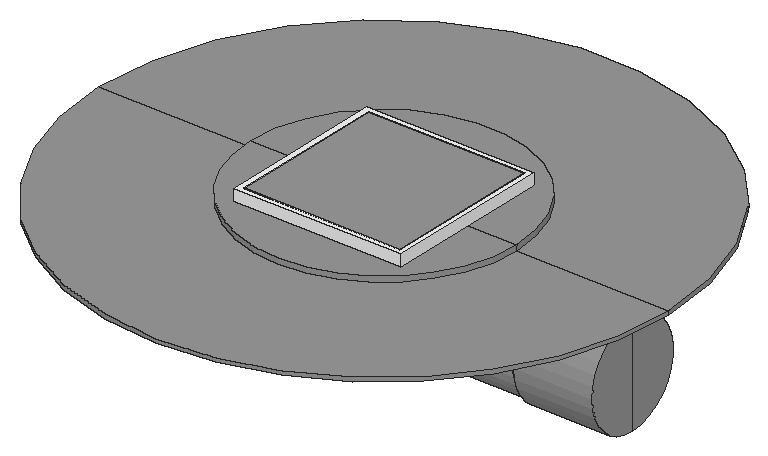
Revit family "HL_Трап для внутренних помещений_HL80.1H", category Instalační zařizovací předměty, Revit 2016
Family settings
  Typ součásti = Normální
  Kóta kulaté spojky = Použít průměr
  Číslo OmniClass = 23.70.50.21.24.14
  Nadpis OmniClass = Deck Waste Water Drains
  Založené na pracovní rovině = Ne
  Vždy vertikální = Ano
  Ořezat dutým tvarem při načtení = Ne
  Sdílené = Ano
  Bod výpočtu místnosti = Ano
Parameters (values of type "HL80.1H")
  Сифона длина [instance] = Насадка высота  # 12 mm
  РЕШЁТКА = "115x115mm / V2A"
  РАЗМЕР = "DN50/75"
  ПРОПУСКНАЯ СПОСОБНОСТЬ = 0.5 L/s
  ПРОИЗВОДИТЕЛЬНОСТЬ = "0,5 l/sec"
  ПРИЁМНОЕ ОТВЕРСТИЕ = ""
  ПРАВОВАЯ ИНФОРМАЦИЯ = "Авторские права(©), права на дизайн или какие либо другие права интелектуальной собственности являются исключительной собственностью компании HL Hutterer & Lechner. Изменению не подлежит. Файл семейства с данными о прозводителе изделия защищен паролем с водяным знаком."  # constant formula
  Насадка высота [instance] = 12 mm
  НОРМЫ = ""
  НОМИНАЛЬНЫЙ ДИАМЕТР [instance] = 75 mm
  НАСАДКА = "12-70mm / 123x123mm / PP"
  МАТЕРИАЛ = "PP/PE"
  МАКСИМАЛЬНАЯ НАГРУЗКА КЛАССА = "K3 - 300 kg"
  ВЫСОТА МОНТАЖА = "105 mm"
  ВЕС = "1,27 [kg]"
  Připojení ventilace = no
  Výrobce = "HL Hutterer & Lechner GmbH"  # constant formula
  URL = "http://www.hutterer-lechner.com/ru/Products/catalog/floor-drains/attachments/HL80.1H.aspx"
  Připojení odpadu = yes
  Připojení HW = no
  Popis = "Трапы для внутренних помещений"
  Model = "HL80.1H"
  Komentáře k typům = "HL80.1H Трап для внутренних помещений DN50/75 поворотный с битумным полотном и запахозапирающим устройством, 123х123мм/115х115мм"
  Keynote = "HL80.1H"
  Высота монтажа [instance] = Насадка высота + 93 mm  # 105 mm
  Угол установки [instance] = 90.00°
  EAN = "9003076701810"
  E [instance] = if(and(НОМИНАЛЬНЫЙ ДИАМЕТР = 75 mm, Угол установки = 0.00°), 12 mm, 25 mm)  # 25 mm
  Připojení CW = no
  C [instance] = if(НОМИНАЛЬНЫЙ ДИАМЕТР = 50 mm, 75.1 mm, 158.1 mm)  # 158.1 mm
  B [instance] = Высота монтажа - if(НОМИНАЛЬНЫЙ ДИАМЕТР = 50 mm, 28.8 mm, 41.3 mm)  # 63.7 mm
  A [instance] = if(B - 100 mm > 15 mm, B - 100 mm, 15 mm)  # 15 mm
Reference planes
  plane 1 "Center (Front/Back)": y = 0
  plane 2: z = 0
  plane 3 "Center (Left/Right)": x = 0
  plane 4 "Ball Joint Vertical": x = 25.45
  plane 5 "Installation height": z = -105
  plane 6: z = -63.7
  plane 7: z = 0
  plane 8: x = 25
Lines and regions (mm)
  model lines, style "InvisibleLines"
    curve 1: line (0, 0, 0) -> (0, 0, 1000)
  reference lines
    curve 2: line (25, 0, -63.7) -> (183.1, 0, -63.7)
  model lines, detail levels coarse+medium
    curve 3: line (0, 0, -63.7) -> (0, 0, -48.7)
    curve 4: line (0, 0, -48.7) -> (48.7, 0, 0)
    curve 5: line (0, 0, -48.7) -> (-48.7, 0, 0)
    curve 23: line (0, 0, -63.7) -> (25, 0, -63.7)
    curve 24: line (25, 0, -63.7) -> (183.1, 0, -63.7)
  symbolic lines, detail levels coarse+medium
    curve 6: line (-75, 75, 0) -> (75, 75, 0)
    curve 7: line (-75, -75, 0) -> (-75, 75, 0)
    curve 8: line (75, -75, 0) -> (-75, -75, 0)
    curve 9: line (75, 75, 0) -> (75, -75, 0)
    curve 10: line (75, 75, 0) -> (145.711, 145.711, 0)
    curve 11: line (75, -75, 0) -> (145.711, -145.711, 0)
    curve 12: line (-75, 75, 0) -> (-145.711, 145.711, 0)
    curve 13: line (-75, -75, 0) -> (-145.711, -145.711, 0)
  symbolic lines, not visible, detail levels coarse+medium
    curve 14: line (-75, 75, 0) -> (75, 75, 0)
    curve 15: line (-75, -75, 0) -> (-75, 75, 0)
    curve 16: line (75, -75, 0) -> (-75, -75, 0)
    curve 17: line (75, 75, 0) -> (75, -75, 0)
    curve 18: line (75, 75, 0) -> (145.711, 145.711, 0)
    curve 19: line (75, -75, 0) -> (145.711, -145.711, 0)
    curve 20: line (-75, 75, 0) -> (-145.711, 145.711, 0)
    curve 21: line (-75, -75, 0) -> (-145.711, -145.711, 0)
  symbolic lines
    curve 22: line (0, 0, -117.37) -> (0, 0, -111.57)
Text (mm)
  text "ПОЛ" at (-198.233, 0, -26.556), in view "Drain Construction View"
  text "Установочный угол HL80HK должен быть от 0° до 90°" at (45.141, 0, -304.215), in view "Drain Construction View"
Dimensions and locks
  "E": plane 8 to plane 3 "Center (Left/Right)"
  "Высота монтажа": plane 2 to plane 5 "Installation height"
  "A": curve 5 to plane 6
  "B": curve 5 to plane 6
  "B": curve 4 to plane 6
  "B": plane 2 to plane 6
  "C": curve 2 to curve 2
  "Насадка высота": level to nested 4
  locked: curve 4 to plane 3 "Center (Left/Right)" (angle 45.00°)
  locked: plane 3 "Center (Left/Right)" to curve 5 (angle 45.00°)
  "Угол установки": angle plane 8 to curve 2
  aligned and locked: level to plane 2
  aligned and locked: plane 2 to curve 1
  aligned and locked: plane 3 "Center (Left/Right)" to curve 1
  aligned and locked: plane 3 "Center (Left/Right)" to curve 3
  aligned and locked: plane 3 "Center (Left/Right)" to curve 5
  aligned and locked: plane 3 "Center (Left/Right)" to nested 4
  aligned and locked: plane 8 to curve 2
  aligned and locked: plane 6 to curve 2
  aligned and locked: nested 3 to nested 4
  aligned and locked: curve 23 to plane 6
  aligned and locked: curve 24 to curve 2
Automatic sketch dimensions
  curve 24 to curve 2 = 0 mm  (x2)
  curve 22 to plane 3 "Center (Left/Right)" = 0 mm
  curve 23 to plane 8 = 0 mm
  curve 22 to plane 5 "Installation height" = 6.57 mm
  curve 22 to curve 22 = 5.8 mm
  level to curve 1 = 1000 mm
Nested families
  nested 1: "HL_Решётка_HL037Pr.1E" at (0, 0, 0), type "HL037Pr.1E_Main Component"
  nested 2: "HL_Насадка_HL037N.2E" at (0, 0, 0), Высота монтажа <- "Сифона длина", type "HL037N.2E_Main Component"
    with Высота монтажа 12 mm, RN 2, RL 1 mm, R no, NL_Test yes, NL 32 mm
  nested 3: "HL_Вкладыш сифона_HL080.5E" at (0, 0, -31.77), type "HL080.5E_Main Component"
  nested 4: "HL_Корпус для трапа внутренних помещений_HL80HK" at (0, 0, -12), DN <- "НОМИНАЛЬНЫЙ ДИАМЕТР", Угол установки <- "Угол установки", type "HL80HK_Main Component"
    with Угол установки 90.00°, OE 5 mm, LV 0 mm, DT 10 mm, DN 75 mm
Connectors
  piping at (183.1, 0, -63.7), diameter 75, driven by "ПРОПУСКНАЯ СПОСОБНОСТЬ", driven by "НОМИНАЛЬНЫЙ ДИАМЕТР"
    settings: on curve 2, index 1, connector inside diameter 609.6 mm, connector length 0 mm, flow factor 0, pipe flow 0.5 L/s, pressure drop 0.0 Pa, fitting loss kfactor 0, connector angle 0.00°, fixture units 0, engagement length 0 mm, angle of deflection 0.00°, flow configuration 1, flow direction 2, fitting loss method 0, system type 16, joint type 0, gender type 0, connector reference index -1, connector utility 0, adjustable connector yes, is connector primary yes, connector description ""
Definition of nested family "HL_Решётка_HL037Pr.1E"
  Parameters (values of type "HL037Pr.1E")
    РАЗМЕР = "115x115mm"
    ПРАВОВАЯ ИНФОРМАЦИЯ = "Авторские права(©), права на дизайн или какие либо другие права интелектуальной собственности являются исключительной собственностью компании HL Hutterer & Lechner. Изменению не подлежит. Файл семейства с данными о прозводителе изделия защищен паролем с водяным знаком."  # constant formula
    МАТЕРИАЛ = "V2A"
    МАКСИМАЛЬНАЯ НАГРУЗКА КЛАССА = "K3 - 300 kg"
    ВЕС = "0,15 [kg]"
    Waste Connection = yes
    Vent Connection = no
    Manufacturer = "HL Hutterer & Lechner GmbH"  # constant formula
    URL = "http://www.hutterer-lechner.com/ru/products/catalog/floor-drains/attachments/HL037pr.1e.aspx"
    HW Connection = no
    Description = "Трапы для внутренних помещений - Комплектующие"
    Model = "HL037Pr.1E"
    Type Comments = "HL037Pr.1E Решётка из нержавеющей стали 115х115 мм"
    Keynote = "HL037Pr.1E"
    EAN = "9003076028474"
    CW Connection = no
  Reference planes
    plane 1 "Center (Front/Back)": y = 0
    plane 2: z = 0
    plane 3 "Center (Left/Right)": x = 0
    plane 4 "Ball Joint Vertical": x = 25.45
  Forms (mm)
    Extrusion 1, solid, detail levels fine
      sketch origin (0, 0, 0) x (1, 0, 0) y (0, 1, 0)
        loop
          line (57.5, 57.5) -> (-57.5, 57.5) -> (-57.5, -57.5) -> (57.5, -57.5) -> (57.5, 57.5)
      from 0 to -5
  Lines and regions (mm)
    model lines, detail levels fine
      curve 1: spline (-13.927, 0, 0) -> (-13.452, 1.165, 0) -> (-12.061, 2.25, 0) -> (-9.848, 3.182, 0) -> (-6.964, 3.897, 0) -> (-3.605, 4.347, 0) -> (0, 4.5, 0) -> (3.605, 4.347, 0) -> (6.964, 3.897, 0) -> (9.848, 3.182, 0) -> (12.061, 2.25, 0) -> (13.452, 1.165, 0) -> (13.927, 0, 0) -> (13.452, -1.165, 0) -> (12.061, -2.25, 0) -> (9.848, -3.182, 0) -> (6.964, -3.897, 0) -> (3.605, -4.347, 0) -> (0, -4.5, 0) -> (-3.605, -4.347, 0) -> (-6.964, -3.897, 0) -> (-9.848, -3.182, 0) -> (-12.061, -2.25, 0) -> (-13.452, -1.165, 0) -> (-13.927, 0, 0)
      curve 2: line (-5.9, 0.4, 0) -> (-11.9, 0.4, 0)
      curve 3: line (-3.65, -2, 0) -> (-3.65, 2, 0)
      curve 4: arc (-3.65, 2, 0) -> (-3.15, 2.5, 0) -> (-2.65, 2, 0) r 0.5
      curve 5: line (-2.65, 2, 0) -> (-2.65, 0.5, 0)
      curve 6: line (-2.65, 0.5, 0) -> (-0.65, 0.5, 0)
      curve 7: line (-0.65, 0.5, 0) -> (-0.65, 2, 0)
      curve 8: arc (-0.65, 2, 0) -> (-0.15, 2.5, 0) -> (0.35, 2, 0) r 0.5
      curve 9: line (0.35, 2, 0) -> (0.35, -2, 0)
      curve 10: arc (0.35, -2, 0) -> (-0.15, -2.5, 0) -> (-0.65, -2, 0) r 0.5
      curve 11: line (-0.65, -2, 0) -> (-0.65, -0.5, 0)
      curve 12: line (-0.65, -0.5, 0) -> (-2.65, -0.5, 0)
      curve 13: line (-2.65, -0.5, 0) -> (-2.65, -2, 0)
      curve 14: arc (-2.65, -2, 0) -> (-3.15, -2.5, 0) -> (-3.65, -2, 0) r 0.5
      curve 15: line (1.85, -2, 0) -> (1.85, 2, 0)
      curve 16: arc (1.85, 2, 0) -> (1.996, 2.354, 0) -> (2.35, 2.5, 0) r 0.5
      curve 17: arc (2.35, 2.5, 0) -> (2.704, 2.354, 0) -> (2.85, 2, 0) r 0.5
      curve 18: line (2.85, 2, 0) -> (2.85, -1, 0)
      curve 19: arc (2.85, -1, 0) -> (2.996, -1.354, 0) -> (3.35, -1.5, 0) r 0.5
      curve 20: line (3.35, -1.5, 0) -> (4.35, -1.5, 0)
      curve 21: arc (4.35, -1.5, 0) -> (4.85, -2, 0) -> (4.35, -2.5, 0) r 0.5
      curve 22: line (4.35, -2.5, 0) -> (2.35, -2.5, 0)
      curve 23: arc (2.35, -2.5, 0) -> (1.996, -2.354, 0) -> (1.85, -2, 0) r 0.5
      curve 24: line (12.1, 0.4, 0) -> (6.1, 0.4, 0)
      curve 25: line (-5.9, -0.4, 0) -> (-11.9, -0.4, 0)
      curve 26: line (12.1, -0.4, 0) -> (6.1, -0.4, 0)
      curve 27: line (-5.9, 0.4, 0) -> (-5.9, -0.4, 0)
      curve 28: line (-11.9, 0.4, 0) -> (-11.9, -0.4, 0)
      curve 29: line (6.1, 0.4, 0) -> (6.1, -0.4, 0)
      curve 30: line (12.1, 0.4, 0) -> (12.1, -0.4, 0)
      curve 31: arc (38.029, -24.059, 0) -> (45, 0, 0) -> (38.029, 24.059, 0) r 45
      curve 32: arc (38.029, 24.059, 0) -> (35.09, 25.896, 0) -> (31.82, 24.749, 0) r 4
      curve 33: arc (31.82, 24.749, 0) -> (30.673, 22.362, 0) -> (31.268, 19.782, 0) r 4
      curve 34: arc (31.268, 19.782, 0) -> (37, 0, 0) -> (31.268, -19.782, 0) r 37
      curve 35: arc (31.268, -19.782, 0) -> (30.673, -22.362, 0) -> (31.82, -24.749, 0) r 4
      curve 36: arc (31.82, -24.749, 0) -> (35.09, -25.896, 0) -> (38.029, -24.059, 0) r 4
      curve 37: arc (24.059, 38.029, 0) -> (0, 45, 0) -> (-24.059, 38.029, 0) r 45
      curve 38: arc (-24.059, 38.029, 0) -> (-25.896, 35.09, 0) -> (-24.749, 31.82, 0) r 4
      curve 39: arc (-24.749, 31.82, 0) -> (-22.362, 30.673, 0) -> (-19.782, 31.268, 0) r 4
      curve 40: arc (-19.782, 31.268, 0) -> (0, 37, 0) -> (19.782, 31.268, 0) r 37
      curve 41: arc (19.782, 31.268, 0) -> (22.362, 30.673, 0) -> (24.749, 31.82, 0) r 4
      curve 42: arc (24.749, 31.82, 0) -> (25.896, 35.09, 0) -> (24.059, 38.029, 0) r 4
      curve 43: arc (24.059, -38.029, 0) -> (0, -45, 0) -> (-24.059, -38.029, 0) r 45
      curve 44: arc (-24.059, -38.029, 0) -> (-25.896, -35.09, 0) -> (-24.749, -31.82, 0) r 4
      curve 45: arc (-24.749, -31.82, 0) -> (-22.362, -30.673, 0) -> (-19.782, -31.268, 0) r 4
      curve 46: arc (-19.782, -31.268, 0) -> (0, -37, 0) -> (19.782, -31.268, 0) r 37
      curve 47: arc (19.782, -31.268, 0) -> (22.362, -30.673, 0) -> (24.749, -31.82, 0) r 4
      curve 48: arc (24.749, -31.82, 0) -> (25.896, -35.09, 0) -> (24.059, -38.029, 0) r 4
      curve 49: arc (-38.029, -24.059, 0) -> (-45, 0, 0) -> (-38.029, 24.059, 0) r 45
      curve 50: arc (-38.029, 24.059, 0) -> (-35.09, 25.896, 0) -> (-31.82, 24.749, 0) r 4
      curve 51: arc (-31.82, 24.749, 0) -> (-30.673, 22.362, 0) -> (-31.268, 19.782, 0) r 4
      curve 52: arc (-31.268, 19.782, 0) -> (-37, 0, 0) -> (-31.268, -19.782, 0) r 37
      curve 53: arc (-31.268, -19.782, 0) -> (-30.673, -22.362, 0) -> (-31.82, -24.749, 0) r 4
      curve 54: arc (-31.82, -24.749, 0) -> (-35.09, -25.896, 0) -> (-38.029, -24.059, 0) r 4
    model lines
      curve 55: line (0, 0, 0) -> (0, 0, 100)
  Text (mm)
    text "ROOF/FLOOR" at (-198.233, 0, -26.556), in view "Drain Construction View"
  Dimensions and locks
    locked: plane 4 "Ball Joint Vertical" to plane 3 "Center (Left/Right)" at 25.45
    aligned and locked: level to plane 2
Definition of nested family "HL_Насадка_HL037N.2E"
  Parameters (values of type "HL037N.2E")
    РАЗМЕР = "d 110 mm"
    ПРАВОВАЯ ИНФОРМАЦИЯ = "Авторские права(©), права на дизайн или какие либо другие права интелектуальной собственности являются исключительной собственностью компании HL Hutterer & Lechner. Изменению не подлежит. Файл семейства с данными о прозводителе изделия защищен паролем с водяным знаком."  # constant formula
    НАСАДКА = "123x123mm"
    МАТЕРИАЛ = "PP"
    Высота монтажа [instance] = 70 mm
    ВЫСОТА МОНТАЖА = "12-70mm"
    ВЕС = "0,08 [kg]"
    Waste Connection = yes
    Vent Connection = no
    RD = 6.5 mm  # constant formula
    R [instance] = ((Высота монтажа - NL_Min) / RD - 1) > 2  # yes
    RL [instance] = if(Высота монтажа < 18 mm, 1 mm, RD * RN)  # 71.5 mm
    NL_Test [instance] = and(or(Высота монтажа < NL_Max, Высота монтажа = NL_Max), or(Высота монтажа > NL_Min, Высота монтажа = NL_Min))  # yes
    NL_Min = 12 mm
    NL_Max = 70 mm
    NL [instance] = if(NL_Test, Высота монтажа + 20 mm, 0 mm)  # 90 mm
    RN [instance] = if((Высота монтажа + 20 mm - NL_Min) / RD - 1 < 2, 2, (Высота монтажа + 20 mm - NL_Min) / RD - 1)  # 11
    Manufacturer = "HL Hutterer & Lechner GmbH"  # constant formula
    URL = "http://www.hutterer-lechner.com/ru/products/catalog/floor-drains/attachments/HL037pr.11e.aspx"
    HW Connection = no
    Description = "Трапы для внутренних помещений - Комплектующие"
    Model = "HL037N.2E"
    Type Comments = "HL037N.2E Насадные подрамники d 110мм/90мм/123х123мм с О-кольцом"
    Keynote = "HL037N.2E"
    EAN = "9003076015290"
    CW Connection = no
  Reference planes
    plane 1 "Center (Front/Back)": y = 0
    plane 2: z = 0
    plane 3 "Center (Left/Right)": x = 0
    plane 4 "Ball Joint Vertical": x = 25.45
    plane 5: z = -90
  Forms (mm)
    Extrusion 1, solid, detail levels fine
      sketch origin (0, 0, 0) x (1, 0, 0) y (0, 1, 0)
        loop
          line (-61.5, 61.5) -> (-61.5, -61.5) -> (61.5, -61.5) -> (61.5, 61.5) -> (-61.5, 61.5)
      from -10 to 0
    Extrusion 2, solid, detail levels fine
      sketch origin (0, 0, 0) x (1, 0, 0) y (0, 1, 0)
        loop
          circle (0, 0) r 51.744
      from -90 to -10
    Extrusion 3, void
      sketch origin (0, 0, 0) x (1, 0, 0) y (0, 1, 0)
        loop
          line (-57.5, 57.5) -> (-57.5, -57.5) -> (57.5, -57.5) -> (57.5, 57.5) -> (-57.5, 57.5)
      from 0 to -8
  Cuts and joins
    Extrusion 3 cuts Extrusion 1
  Lines and regions (mm)
    symbolic lines
      curve 1: line (0, 0, -90) -> (0, 0, 0)
    model lines
      curve 2: line (0, 0, 0) -> (0, 0, 100)
  Text (mm)
    text "ROOF/FLOOR" at (-198.233, 0, -26.556), in view "Drain Construction View"
  Dimensions and locks
    locked: plane 4 "Ball Joint Vertical" to plane 3 "Center (Left/Right)" at 25.45
    "NL": plane 2 to plane 5
    equal spacing: group 1, group 3, group 4, group 5, group 6, group 7, group 8, group 9, group 10, group 11, group 2  (x3)
    "RL": nested 2 to nested 1
    locked: nested 1 to plane 5 at 1.516
    aligned and locked: level to plane 2
    aligned and locked: plane 3 "Center (Left/Right)" to nested 1
    aligned and locked: plane 1 "Center (Front/Back)" to nested 1
    aligned and locked: plane 2 to curve 1
    aligned and locked: plane 5 to curve 1
    aligned and locked: Extrusion 2 to plane 5
  Automatic sketch dimensions
    Extrusion 1 sketch curve to plane 3 "Center (Left/Right)" = 61.5 mm
    plane 4 "Ball Joint Vertical" to Extrusion 1 sketch curve = 36.05 mm
    plane 1 "Center (Front/Back)" to Extrusion 1 sketch curve = 61.5 mm
    Extrusion 1 sketch curve to plane 1 "Center (Front/Back)" = 61.5 mm
    plane 1 "Center (Front/Back)" to Extrusion 2 sketch curve = 0 mm
    Extrusion 2 sketch curve to plane 3 "Center (Left/Right)" = 0 mm
    Extrusion 3 sketch curve to plane 3 "Center (Left/Right)" = 57.5 mm
    plane 4 "Ball Joint Vertical" to Extrusion 3 sketch curve = 32.05 mm
    plane 1 "Center (Front/Back)" to Extrusion 3 sketch curve = 57.5 mm
    Extrusion 3 sketch curve to plane 1 "Center (Front/Back)" = 57.5 mm
    curve 2 to plane 3 "Center (Left/Right)" = 0 mm
    level to curve 2 = 100 mm
    radius of Extrusion 2 sketch curve = 51.744 mm
  Nested families
    nested 1: "Ring" at (0, 0, -88.484), visible <- "R", type "Ring"
      with R 51.7 mm, D 103.4 mm
    nested 2: "Ring" at (0, 0, -16.984), visible <- "R", type "Ring"
      with R 51.7 mm, D 103.4 mm
    nested 3: "Ring" at (0, 0, -81.334), visible <- "R", type "Ring"
      with R 51.7 mm, D 103.4 mm
    nested 4: "Ring" at (0, 0, -74.184), visible <- "R", type "Ring"
      with R 51.7 mm, D 103.4 mm
    nested 5: "Ring" at (0, 0, -67.034), visible <- "R", type "Ring"
      with R 51.7 mm, D 103.4 mm
    nested 6: "Ring" at (0, 0, -59.884), visible <- "R", type "Ring"
      with R 51.7 mm, D 103.4 mm
    nested 7: "Ring" at (0, 0, -52.734), visible <- "R", type "Ring"
      with R 51.7 mm, D 103.4 mm
    nested 8: "Ring" at (0, 0, -45.584), visible <- "R", type "Ring"
      with R 51.7 mm, D 103.4 mm
    nested 9: "Ring" at (0, 0, -38.434), visible <- "R", type "Ring"
      with R 51.7 mm, D 103.4 mm
    nested 10: "Ring" at (0, 0, -31.284), visible <- "R", type "Ring"
      with R 51.7 mm, D 103.4 mm
    nested 11: "Ring" at (0, 0, -24.134), visible <- "R", type "Ring"
      with R 51.7 mm, D 103.4 mm
  Definition of nested family "Ring"
    Parameters (values of type "Ring")
      Manufacturer = ""
      URL = ""
      R = D / 2  # 51.5 mm
      Description = ""
      Model = ""
      Material = none
      Type Comments = ""
      D = 103 mm
      Cost = 0
    Reference planes
      plane 1 "Střed (vpředu/vzadu)": y = 0
      plane 2: z = 0
      plane 3 "Střed (vlevo/vpravo)": x = 0
    Forms (mm)
      Revolve 1, solid, material <- "Material", detail levels fine
        sketch origin (0, 0, 0) x (1, 0, 0) y (0, 0, 1)
          loop
            line (-51.5, 1.482) -> (-54.764, 0) -> (-51.5, -1.516) -> (-51.5, 1.482)
          axis (0, 1.482) -> (0, -1.516)
        angle from 0 to 360
    Dimensions and locks
      "R": Revolve 1 sketch curve to plane 3 "Střed (vlevo/vpravo)"
      aligned and locked: level to plane 2
      aligned and locked: Revolve 1 sketch curve to plane 3 "Střed (vlevo/vpravo)"
    Automatic sketch dimensions
      Revolve 1 sketch curve to level = 0 mm
      Revolve 1 sketch curve to Revolve 1 sketch curve = 3.264 mm
      Revolve 1 sketch curve to level = 1.516 mm
      level to Revolve 1 sketch curve = 1.482 mm
      Revolve 1 sketch curve to level = 381 mm
      Revolve 1 sketch curve to Revolve 1 sketch curve = 2212.833 mm
Definition of nested family "HL_Вкладыш сифона_HL080.5E"
  Parameters (values of type "HL080.5E")
    ПРАВОВАЯ ИНФОРМАЦИЯ = "Авторские права(©), права на дизайн или какие либо другие права интелектуальной собственности являются исключительной собственностью компании HL Hutterer & Lechner. Изменению не подлежит. Файл семейства с данными о прозводителе изделия защищен паролем с водяным знаком."  # constant formula
    МАТЕРИАЛ = "PP"
    ВЕС = "0,06 [kg]"
    Waste Connection = yes
    Vent Connection = no
    Manufacturer = "HL Hutterer & Lechner GmbH"  # constant formula
    URL = "http://www.hutterer-lechner.com/ru/products/catalog/floor-drains/attachments/HL080.5e.aspx"
    HW Connection = no
    Description = "Трапы для внутренних помещений - Комплектующие"
    Model = "HL080.5E"
    Type Comments = "HL080.5E Вкладыш запахозапирающий комплектный"
    Keynote = "HL080.5E"
    EAN = "9003076008056"
    CW Connection = no
  Reference planes
    plane 1 "Center (Front/Back)": y = 0
    plane 2: z = 0
    plane 3 "Center (Left/Right)": x = 0
    plane 4 "Ball Joint Vertical": x = 25.45
  Forms (mm)
    Revolve 1, solid, detail levels fine
      sketch origin (0, 0, 0) x (0, 1, 0) y (0, 0, 1)
        loop
          line (45.5, 0) -> (41.274, 0) -> (39, -6) -> (34.32, -6) -> (33.563, -33.989)
          arc (33.563, -33.989) -> (31.389, -41.15) -> (25.867, -46.2) r 14.147
          line (25.867, -46.2) -> (18.053, -46.2) -> (16.601, 9) -> (15, 9) -> (16.5, -48) -> (26.266, -48)
          arc (26.266, -48) -> (32.797, -42.285) -> (35.378, -34) r 15.98
          line (35.378, -34) -> (36.095, -7.5) -> (45.5, -7.5) -> (45.5, 0)
        axis (0, 9) -> (0, -48)
      angle from 0 to 360
    Revolve 2, solid, detail levels fine
      sketch origin (0, 0, 0) x (0, 1, 0) y (0, 0, 1)
        loop
          line (26.081, -39) -> (26.081, 21) -> (0, 21) -> (0, 19.2) -> (24.65, 19.2) -> (24.65, -39) -> (26.081, -39)
        axis (0, 21) -> (0, -39)
      angle from 0 to 360
  Text (mm)
    text "ROOF/FLOOR" at (-198.233, 0, -26.556), in view "Drain Construction View"
  Dimensions and locks
    locked: plane 4 "Ball Joint Vertical" to plane 3 "Center (Left/Right)" at 25.45
    aligned and locked: level to plane 2
Definition of nested family "HL_Корпус для трапа внутренних помещений_HL80HK"
  Parameters (values of type "HL80HK")
    РАЗМЕР = "DN50/75"
    ПРАВОВАЯ ИНФОРМАЦИЯ = "Авторские права(©), права на дизайн или какие либо другие права интелектуальной собственности являются исключительной собственностью компании HL Hutterer & Lechner. Изменению не подлежит. Файл семейства с данными о прозводителе изделия защищен паролем с водяным знаком."  # constant formula
    МАТЕРИАЛ = "PP/PE"
    ВЫСОТА МОНТАЖА = "91 mm"
    ВЕС = "1,03 [kg]"
    Waste Connection = yes
    Vent Connection = no
    Manufacturer = "HL Hutterer & Lechner GmbH"  # constant formula
    LV [instance] = if(DN = 75 mm, 0 mm, 83 mm)  # 0 mm
    HW Connection = no
    EAN = "9003076002108"
    URL = "http://www.hutterer-lechner.com/ru/Products/catalog/floor-drains/attachments/HL80HK.aspx"
    RN2 = DN2 / 2  # 37.5 mm
    RN1 = DN1 / 2  # 25 mm
    Description = "Кровельные воронки - Комплектующие"
    DT [instance] = if(DN = DN1, 10 mm, if(DN = DN2, 10 mm, 0 mm))  # 10 mm
    DN [instance] = 75 mm
    CW Connection = no
    OL = 155 mm  # constant formula
    OE [instance] = if(Угол установки > 0.00°, 5 mm, 30 mm)  # 5 mm
    Model = "HL80HK"
    Type Comments = "HL80HK Корпус трапа (для внутренних помещений, балконов и террас) DN50/75 поворотный с битумным полотном."
    Keynote = "HL80HK"
    Угол установки [instance] = 90.00°
    DN2 = 75 mm  # constant formula
    DN1 = 50 mm  # constant formula
  Reference planes
    plane 1 "Center (Front/Back)": y = 0
    plane 2: z = 0
    plane 3 "Center (Left/Right)": x = 0
    plane 4: z = 0
    plane 5: z = -90
    plane 6: z = -215
    plane 7 "Ball joint horizontal": z = -64.2
    plane 8 "Ball Joint Vertical": x = 25.45
  Forms (mm)
    Revolve 1, solid, detail levels fine
      sketch origin (0, 0, -30) x (1, 0, 0) y (0, 0, 1)
        loop
          line (-98.112, 30) -> (-210.108, 30) -> (-210.108, 27) -> (-110.111, 27) -> (-110.111, 22.891) -> (-93.745, 22.891) -> (-93.745, 18.106) -> (-57.51, 18.106) -> (-57.51, 2.73) -> (-44.799, 2.73) -> (-44.799, -23.765)
          arc (-44.799, -23.765) -> (-26.756, -44.906) -> (-0.107, -52.803) r 48.911
          line (-0.107, -52.803) -> (-0.107, 33.918) -> (-98.112, 33.918) -> (-98.112, 30)
        axis (-0.107, 33.918) -> (-0.107, -52.803)
      angle from 0 to 360
    Sweep 2, solid, detail levels fine
      path in 3D
        loop
          line (5.45, 0, -64.2) -> (180.45, 0, -64.2)
      profile origin (92.95, 0, -64.2) x (0, 0, 1) y (0, -1, 0)
        loop
          circle (0, 0) r 25
    Revolve 3, solid, detail levels fine
      sketch origin (90.45, 0, -51.7) x (1, 0, 0) y (0, 0, 1)
        loop
          line (92.64, 0) -> (92.64, 37.5) -> (35.328, 37.5) -> (-2.031, 0) -> (92.64, 0)
        axis (-2.031, 0) -> (92.64, 0)
      angle from 0 to 360
    Revolve 4, solid, detail levels fine
      sketch origin (0, 0, -30) x (1, 0, 0) y (0, 0, 1)
        loop
          arc (-5.105, -62.233) -> (18.28, -60.002) -> (38.242, -47.618) r 51.5
          line (38.242, -47.618) -> (13.269, -22.645) -> (-15.712, -51.627) -> (-5.105, -62.233)
        axis (13.269, -22.645) -> (38.242, -47.618)
      angle from 0 to 360
    Extrusion 5, solid, detail levels fine
      sketch origin (0, 0, -30) x (0, 1, 0) y (0, 0, 1)
        loop
          line (46.485, 6) -> (-46.509, 6) -> (-45.296, -38.425)
          arc (-45.296, -38.425) -> (-0.041, -54.245) -> (45.232, -38.476) r 72.755
          line (45.232, -38.476) -> (46.485, 6)
      from -18 to -9
    Extrusion 6, void
      sketch origin (0, 0, 0) x (0, 1, 0) y (0, 0, 1)
        loop
          line (41.219, -68.961) -> (63.338, -68.961) -> (63.338, -27.27) -> (42.393, -27.27) -> (41.219, -68.961)
        loop
          line (-41.264, -68.961) -> (-42.438, -27.27) -> (-63.338, -27.27) -> (-63.338, -68.961) -> (-41.264, -68.961)
      from -9 to 18.461
    Extrusion 7, void
      sketch origin (183.09, 0, -51.7) x (0, -1, 0) y (0, 0, 1)
        loop
          circle (0, 0) r 38
      from -2 to 0 <- "LV"
  Cuts and joins
    Extrusion 6, Extrusion 7 cuts Revolve 1
    Extrusion 6, Extrusion 7 cuts Sweep 2
    Extrusion 6, Extrusion 7 cuts Revolve 3
    Extrusion 6, Extrusion 7 cuts Revolve 4
    Extrusion 6, Extrusion 7 cuts Extrusion 5
    joined: Revolve 1, Sweep 2, Revolve 3, Revolve 4, Extrusion 5
  Lines and regions (mm)
    reference lines
      curve 1: line (25.45, 0, -64.2) -> (180.45, 0, -64.2)
      curve 2: line (90.45, 0, -51.7) -> (180.45, 0, -51.7)
      curve 3: line (180.45, 0, -64.2) -> (180.45, 0, -46.7)
      curve 5: line (180.45, 0, -46.7) -> (90.45, 0, -46.7)
    sketch lines
      curve 4: line (5.45, 0, -64.2) -> (180.45, 0, -64.2)
    symbolic lines
      curve 6: line (71.515, 0, -43.528) -> (71.515, 0, -89.188)
    model lines, not visible
      curve 7: line (-0.107, 0, 0) -> (-0.107, 0, -10)
  Dimensions and locks
    plane 4 to plane 5 = 90 mm
    plane 4 to plane 6 = 215 mm
    locked: plane 4 to plane 7 "Ball joint horizontal" at 64.2
    locked: plane 8 "Ball Joint Vertical" to plane 3 "Center (Left/Right)" at 25.45
    locked: curve 3 to curve 2 at 90
    "OL": curve 3 to curve 1
    "RN2": Revolve 3 sketch curve to Revolve 3 sketch curve
    locked: Revolve 3 sketch curve to Revolve 3 sketch curve at 94.672
    Revolve 3 sketch curve to Revolve 3 sketch curve = 57.312 mm
    locked: curve 5 to curve 5 at 90
    locked: curve 5 to curve 1 at 17.5
    "OE": curve 5 to curve 2
    Revolve 1 sketch curve to Revolve 1 sketch curve to Revolve 1 sketch curve to Revolve 1 sketch curve to Revolve 1 sketch curve to Revolve 1 sketch curve = 99.997 mm locked, 11.999 mm locked, 40.602 mm locked, 12.711 mm locked, 44.692 mm locked
    plane 2 to plane 4 = 0 mm
    Revolve 1 sketch curve to plane 5 = 56.108 mm
    locked: plane 4 to cut or joined group of Revolve 1, Sweep 2, Revolve 3, Revolve 4, Extrusion 5, Extrusion 6, Extrusion 7 at 3
    Revolve 1 sketch curve to plane 4 to Revolve 1 sketch curve to Revolve 1 sketch curve to Revolve 1 sketch curve to Revolve 1 sketch curve to Revolve 1 sketch curve = 3.918 mm locked, 3 mm locked, 4.109 mm locked, 4.785 mm locked, 15.376 mm locked, 6.621 mm locked
    locked: plane 4 to Extrusion 5 sketch curve at 24
    locked: Revolve 4 sketch curve to plane 7 "Ball joint horizontal" at 22.998
    locked: plane 8 "Ball Joint Vertical" to Revolve 4 sketch curve at 23.624
    Extrusion 7 sketch curve to curve 2 = 0 mm
    "DT": curve 7 to curve 7
    "DN1": diameter of Sweep 2 sketch curve
    radius of Extrusion 7 sketch curve = 38 mm
    "Угол установки": angle plane 8 "Ball Joint Vertical" to curve 1
    locked: curve 3 to curve 1 (angle 90.00°)
    locked: curve 2 to curve 3 (angle 90.00°)
    locked: curve 5 to curve 3 (angle 90.00°)
    aligned and locked: level to plane 2
    aligned and locked: plane 8 "Ball Joint Vertical" to curve 1
    aligned and locked: plane 7 "Ball joint horizontal" to curve 1
    aligned and locked: plane 4 to Revolve 1 sketch curve
    aligned and locked: Revolve 1 sketch curve to Revolve 1 sketch curve
    aligned and locked: Revolve 3 sketch curve to curve 2
  Automatic sketch dimensions
    Revolve 4 sketch curve to plane 5 = 2.233 mm
    Revolve 4 sketch curve to plane 3 "Center (Left/Right)" = 5.105 mm
    plane 5 to Revolve 4 sketch curve = 8.373 mm
    Revolve 4 sketch curve to Revolve 4 sketch curve = 10.607 mm
    plane 7 "Ball joint horizontal" to Revolve 4 sketch curve = 11.555 mm
    Revolve 4 sketch curve to Revolve 4 sketch curve = 2.288 mm  (x2)
    plane 5 to Revolve 4 sketch curve = 5.833 mm
    Revolve 4 sketch curve to Revolve 4 sketch curve = 6.549 mm
    Revolve 1 sketch curve to plane 3 "Center (Left/Right)" = 0.107 mm
    plane 7 "Ball joint horizontal" to Revolve 1 sketch curve = 10.435 mm
    Revolve 1 sketch curve to Revolve 1 sketch curve = 4.366 mm
    Revolve 1 sketch curve to plane 6 = 96 mm
    Revolve 1 sketch curve to Revolve 1 sketch curve = 2210.397 mm
    Extrusion 6 sketch curve to plane 7 "Ball joint horizontal" = 4.761 mm  (x2)
    plane 1 "Center (Front/Back)" to Extrusion 6 sketch curve = 63.338 mm
    Extrusion 6 sketch curve to Extrusion 6 sketch curve = 20.9 mm
    Extrusion 6 sketch curve to Extrusion 6 sketch curve = 22.075 mm
    Extrusion 6 sketch curve to plane 1 "Center (Front/Back)" = 41.219 mm
    Extrusion 6 sketch curve to Extrusion 6 sketch curve = 1.175 mm
    Extrusion 6 sketch curve to Extrusion 6 sketch curve = 20.945 mm
    Extrusion 6 sketch curve to level = 27.27 mm  (x2)
    Extrusion 5 sketch curve to plane 1 "Center (Front/Back)" = 0 mm
    Extrusion 5 sketch curve to plane 7 "Ball joint horizontal" = 4.225 mm
    plane 1 "Center (Front/Back)" to Extrusion 5 sketch curve = 45.296 mm
    Extrusion 5 sketch curve to Extrusion 5 sketch curve = 1.213 mm
    Extrusion 5 sketch curve to level = 11.49 mm
    Extrusion 5 sketch curve to plane 7 "Ball joint horizontal" = 4.276 mm
    Extrusion 5 sketch curve to Extrusion 5 sketch curve = 1.253 mm
    curve 7 to level = 0 mm
    curve 7 to plane 3 "Center (Left/Right)" = 0.107 mm
    plane 5 to curve 6 = 0.812 mm
    plane 8 "Ball Joint Vertical" to curve 6 = 46.065 mm
    plane 7 "Ball joint horizontal" to curve 6 = 20.672 mm
    profile plane to Sweep 2 sketch curve = 0 mm
    Sweep 2 sketch curve to profile plane = 0 mm
    Revolve 3 sketch curve to curve 2 = 0 mm  (x3)
    Revolve 3 sketch curve to curve 2 = 2.031 mm
